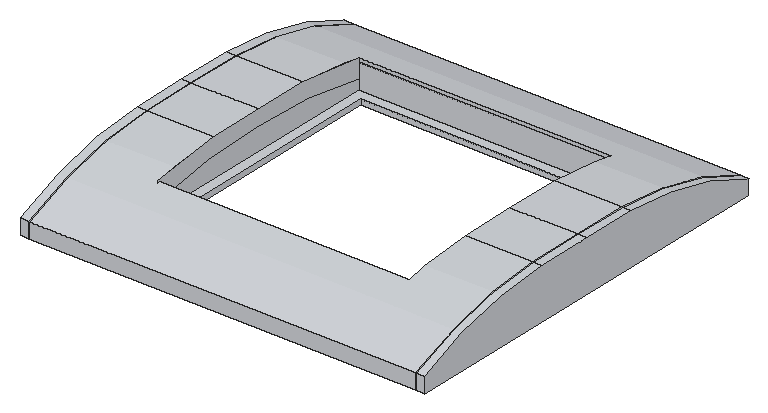
Revit family "Gira_1002723", category Electrical Fixtures, host Face, Revit 2017
Family settings
  Host = Face
  Maintain Annotation Orientation = No
  Round Connector Dimension = Use Diameter
  Part Type = Normal
  Cut with Voids When Loaded = No
  Shared = No
  Room Calculation Point = No
Parameters (values of type "Cov.fr. 2-g w/o cb interm.fr. PW Gira Event Clear white")
  With mounting grid = "No"
  With hinged lid = "No"
  URL = "http://katalog.gira.de/en/datenblatt.html?artikelnr=1002723"
  Type of fastening = "Clamp mounting"
  Transparent = "No"
  Surface protection = "Other"
  Suitable for wall duct = "No"
  Suitable for flush-mounted installation = "Yes"
  Suitable for floor box = "No"
  Suitable for built-in installation = "No"
  Number of units vertical = "2"
  Number of units horizontal = "2"
  Number of units = "2"
  Name = "Cov.fr. 2-g w/o cb interm.fr. PW Gira Event Clear white"
  Mounting direction = "Horizontal and vertical"
  Material quality = "Thermoplastic"
  Material = "Plastic"
  Manufacturer URL = "https://www.gira.de/"
  Manufacturer = "Gira"
  Label space/information surface = "No"
  Keynote = ""
  HeinzeBIM = "https://bimportal.heinze.de/bim/cov-fr-2-g-w-o-cb-interm-fr-pw-gira-event-clear-white/7ea432520eef8792a8d93901f328993f3b461473"
  Halogen free = "Yes"
  HAN = "1002723"
  GTIN = "4010337070184"
  Description = "Cov.fr.2g w o cb i.fr.PW EvCl WH,Gira Event Clear cover frame,white with pure white glossy intermediate frame,2-gang without crossbar,Features:,- Shatter-proof."
  Degree of protection (IP) = "IP20"
  Default Elevation = 1219.2 mm
  Data sheet (1) = "https://katalog.gira.de/en/download.html?artikelnr=1002723"
  Colour = "White"
  Category = "Cover frame for domestic switching devices"
  BIM (1) = "https://media.stage.bim.site/public/gira/36a6b08/Event_Rahmen_2fach o.Mittelsteg.rfa?public/gira/36a6b08/Event_Rahmen_2fach o.Mittelsteg.rfa"
  Available = "No"
Reference planes
  plane 1 "Center (Front/Back)": y = 0
  plane 2: z = 0
  plane 3 "Center (Left/Right)": x = 0
Forms (mm)
  Extrusion 1, solid, detail levels fine
    sketch origin (0, 0, 1.55) x (0, 1, 0) y (0, 0, 1)
      loop
        arc (12.445, 9.683) -> (6.223, 9.833) -> (0, 9.85) r 291.636
        arc (0, 9.85) -> (-6.223, 9.833) -> (-12.445, 9.683) r 291.636
        arc (-12.445, 9.683) -> (-29.14, 7.482) -> (-45, 1.823) r 79.728
        line (-45, 1.823) -> (-45, -1.55) -> (-41.777, -1.55) -> (-41.777, -0.55)
        arc (-41.777, -0.55) -> (-21.205, 4.846) -> (0, 6.467) r 118.15
        arc (0, 6.467) -> (21.205, 4.846) -> (41.777, -0.55) r 118.15
        line (41.777, -0.55) -> (41.777, -1.55) -> (45, -1.55) -> (45, 1.823)
        arc (45, 1.823) -> (29.14, 7.482) -> (12.445, 9.683) r 79.728
    from -43 to 43
  Extrusion 2, void, detail levels fine
    sketch origin (0, 0, 0) x (1, 0, 0) y (0, 1, 0)
      loop
        line (-28, -28) -> (28, -28) -> (28, 28) -> (-28, 28) -> (-28, -28)
    from 2.85 to 12
  Extrusion 3, solid, detail levels coarse
    sketch origin (0, 0, 0) x (1, 0, 0) y (0, 1, 0)
      loop
        line (-45, 45) -> (-45, -45) -> (45, -45) -> (45, 45) -> (-45, 45)
    from 0 to 11.4
  Extrusion 4, solid, detail levels medium
    sketch origin (0, 0, 1.55) x (0, 1, 0) y (0, 0, 1)
      loop
        arc (12.445, 9.683) -> (6.223, 9.833) -> (0, 9.85) r 291.636
        arc (0, 9.85) -> (-6.223, 9.833) -> (-12.445, 9.683) r 291.636
        arc (-12.445, 9.683) -> (-29.14, 7.482) -> (-45, 1.823) r 79.728
        line (-45, 1.823) -> (-45, -1.55) -> (45, -1.55) -> (45, 1.823)
        arc (45, 1.823) -> (29.14, 7.482) -> (12.445, 9.683) r 79.728
    from -45 to 45
  Extrusion 5, solid, detail levels fine
    sketch origin (0, 0, 0) x (0, 1, 0) y (0, 0, 1)
      loop
        arc (45, 3.373) -> (29.14, 9.032) -> (12.445, 11.233) r 79.728
        arc (12.445, 11.233) -> (6.223, 11.383) -> (0, 11.4) r 291.636
        arc (0, 11.4) -> (-6.223, 11.383) -> (-12.445, 11.233) r 291.636
        arc (-12.445, 11.233) -> (-29.14, 9.032) -> (-45, 3.373) r 79.728
        line (-45, 3.373) -> (-45, 0) -> (45, 0) -> (45, 3.373)
    from 43 to 45
  Extrusion 6, solid, detail levels fine
    sketch origin (0, 0, 0) x (0, 1, 0) y (0, 0, -1)
      loop
        line (45, -3.373) -> (45, 0) -> (-45, 0) -> (-45, -3.373)
        arc (-45, -3.373) -> (-29.14, -9.032) -> (-12.445, -11.233) r 79.728
        arc (-12.445, -11.233) -> (-6.223, -11.383) -> (0, -11.4) r 291.636
        arc (0, -11.4) -> (6.223, -11.383) -> (12.445, -11.233) r 291.636
        arc (12.445, -11.233) -> (29.14, -9.032) -> (45, -3.373) r 79.728
    from 43 to 45
  Extrusion 7, solid, detail levels fine
    sketch origin (0, 0, 0) x (1, 0, 0) y (0, 1, 0)
      loop
        line (-25.7, 25.7) -> (-25.7, -25.7) -> (25.7, -25.7) -> (25.7, 25.7) -> (-25.7, 25.7)
      loop
        line (-29.495, 27.895) -> (-29.495, -27.895)
        spline (-29.495, -27.895) -> (-29.486, -28.025) -> (-29.461, -28.154) -> (-29.419, -28.278) -> (-29.361, -28.395) -> (-29.288, -28.504) -> (-29.202, -28.602) -> (-29.104, -28.688) -> (-28.995, -28.761) -> (-28.878, -28.819) -> (-28.754, -28.861) -> (-28.625, -28.886) -> (-28.495, -28.895)
        line (-28.495, -28.895) -> (28.495, -28.895)
        spline (28.495, -28.895) -> (28.625, -28.886) -> (28.754, -28.861) -> (28.878, -28.819) -> (28.995, -28.761) -> (29.104, -28.688) -> (29.202, -28.602) -> (29.288, -28.504) -> (29.361, -28.395) -> (29.419, -28.278) -> (29.461, -28.154) -> (29.486, -28.025) -> (29.495, -27.895)
        line (29.495, -27.895) -> (29.495, 27.895)
        spline (29.495, 27.895) -> (29.486, 28.025) -> (29.461, 28.154) -> (29.419, 28.278) -> (29.361, 28.395) -> (29.288, 28.504) -> (29.202, 28.602) -> (29.104, 28.688) -> (28.995, 28.761) -> (28.878, 28.819) -> (28.754, 28.861) -> (28.625, 28.886) -> (28.495, 28.895)
        line (28.495, 28.895) -> (-28.495, 28.895)
        spline (-28.495, 28.895) -> (-28.625, 28.886) -> (-28.754, 28.861) -> (-28.878, 28.819) -> (-28.995, 28.761) -> (-29.104, 28.688) -> (-29.202, 28.602) -> (-29.288, 28.504) -> (-29.361, 28.395) -> (-29.419, 28.278) -> (-29.461, 28.154) -> (-29.486, 28.025) -> (-29.495, 27.895)
    from 1.673 to 8.5
Cuts and joins
  Extrusion 2 cuts Extrusion 1
  Extrusion 2 cuts Extrusion 7
Dimensions and locks
  aligned and locked: plane 2 to host face
  aligned and locked: level to host face
